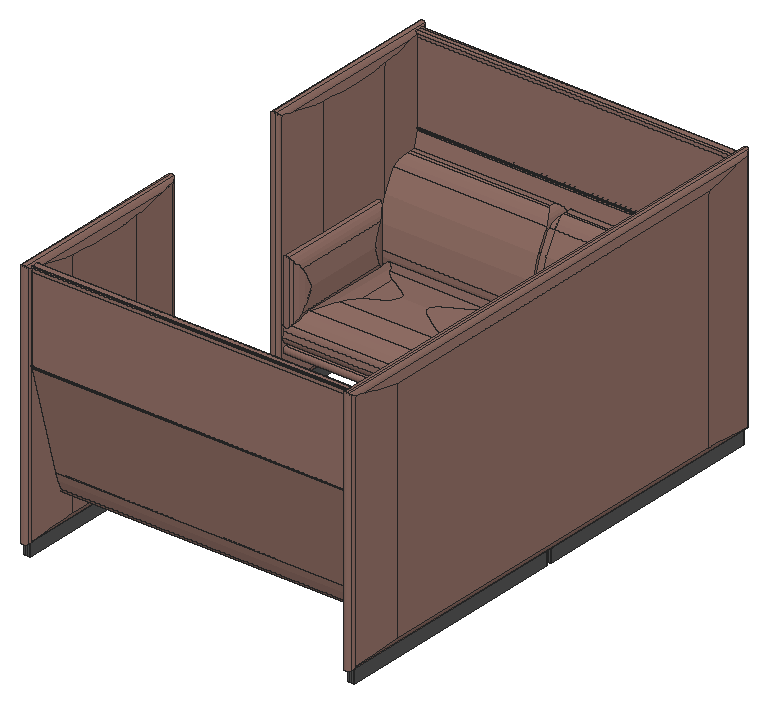
Revit family "revitupgrade", category Furniture, Revit 2025
Family settings
  OmniClass Number = 23.40.70.14.64.11
  OmniClass Title = Office Furniture
  Work Plane-Based = No
  Enable Cutting in Views = No
  Always vertical = Yes
  Cut with Voids When Loaded = No
  Render Appearance Source = Family Geometry
  Shared = No
  Room Calculation Point = No
Parameters (values of type "2 Seater Combi")
  Upholstery Finish [instance] = Wendelbo_Fabric_TVC10
  URL = "https://www.steelcase.com/asia-en/wendelbo/"
  Style Number(s) = "WBOCASECOMB2"
  Release Date = "May 2023"  # constant formula
  Manufacturer = "Wendelbo"  # constant formula
  Frame Finish = Wendelbo_Wood_BlackOak
  Description = "A collection of highback sofas that breathe a sense of calmness, concentration and comfort into everyday life in the workplace and in hospitality contexts."
  Default Elevation = 0.00 mm
  Copyright = "© 2010 Steelcase Inc."  # constant formula
  Assembly Code = "E2020200"
Reference planes
  plane 1 "Front": y = 0
  plane 2 "Bottom": z = 0
  plane 3 "Center Left/Right": x = 0
  plane 4 "Back": y = 903.501
  plane 5 "Left": x = -873.815
  plane 6 "Right": x = 859.971
  plane 7 "2": y = -700
  plane 8 "3": y = -1603.501
  plane 9: y = -350
  plane 10: z = 73.638
  plane 11: z = 141.062
Forms (mm)
  Extrusion 1, solid, material "Wendelbo_Wood_BlackOak" <- "Frame Finish"
    sketch origin (0, 0, 0) x (1, 0, 0) y (0, 1, 0)
      loop
        arc (-852.976, -7.602) -> (-852.282, -9.278) -> (-850.775, -10.287) r 3.131
        arc (-850.775, -10.287) -> (-845.841, -11.402) -> (-840.796, -11.777) r 34.173
        line (-840.796, -11.777) -> (-828.625, -11.777)
        arc (-828.625, -11.777) -> (-824.209, -11.351) -> (-819.956, -10.088) r 23.094
        arc (-819.956, -10.088) -> (-818.088, -8.573) -> (-817.385, -6.272) r 4.117
        line (-817.385, -6.272) -> (-817.461, 894.271)
        arc (-817.461, 894.271) -> (-818.339, 896.267) -> (-820.204, 897.397) r 3.621
        arc (-820.204, 897.397) -> (-825.433, 898.344) -> (-830.738, 898.661) r 44.513
        line (-830.738, 898.661) -> (-839.7, 898.661)
        arc (-839.7, 898.661) -> (-845.005, 898.344) -> (-850.234, 897.397) r 44.513
        arc (-850.234, 897.397) -> (-852.099, 896.267) -> (-852.976, 894.271) r 3.621
        line (-852.976, 894.271) -> (-852.976, -7.602)
      loop
        line (839.226, -334.685) -> (839.226, 894.271)
        arc (839.226, 894.271) -> (838.349, 896.267) -> (836.484, 897.397) r 3.621
        arc (836.484, 897.397) -> (831.255, 898.344) -> (825.95, 898.661) r 44.513
        line (825.95, 898.661) -> (816.988, 898.661)
        arc (816.988, 898.661) -> (811.683, 898.344) -> (806.454, 897.397) r 44.513
        arc (806.454, 897.397) -> (804.658, 896.343) -> (803.739, 894.474) r 3.621
        line (803.739, 894.474) -> (803.635, -333.355)
        arc (803.635, -333.355) -> (804.338, -335.656) -> (806.206, -337.171) r 4.117
        arc (806.206, -337.171) -> (810.459, -338.434) -> (814.875, -338.86) r 23.094
        line (814.875, -338.86) -> (827.046, -338.86)
        arc (827.046, -338.86) -> (832.091, -338.486) -> (837.025, -337.37) r 34.173
        arc (837.025, -337.37) -> (838.532, -336.361) -> (839.226, -334.685) r 3.131
    from 0 to 67.42
  Extrusion 2, solid, material "Wendelbo_Fabric_TVC10" <- "Upholstery Finish"
    sketch origin (0, 0, -73.64) x (0, 1, 0) y (0, 0, 1)
      loop
        arc (895.074, 1409.797) -> (880.11, 1410.217) -> (865.155, 1409.518) r 200.253
        arc (865.155, 1409.518) -> (861.081, 1407.326) -> (859.276, 1403.066) r 6.973
        arc (859.276, 1403.066) -> (858.873, 1394.498) -> (858.738, 1385.921) r 273.736
        line (858.738, 1385.921) -> (858.738, 970.061)
        arc (858.738, 970.061) -> (859.746, 967.284) -> (862.136, 965.547) r 5.048
        line (862.136, 965.547) -> (899.957, 952.524)
        arc (899.957, 952.524) -> (902.122, 952.682) -> (903.501, 954.359) r 2.757
        line (903.501, 954.359) -> (903.501, 1385.921)
        arc (903.501, 1385.921) -> (903.271, 1394.969) -> (902.58, 1403.994) r 177.724
        arc (902.58, 1403.994) -> (901.906, 1406.163) -> (900.442, 1407.899) r 5.73
        arc (900.442, 1407.899) -> (897.917, 1409.296) -> (895.074, 1409.797) r 8.754
    from -811.84 to 802.291
  Extrusion 3, solid, material "Wendelbo_Fabric_TVC10" <- "Upholstery Finish"
    sketch origin (0, 0, -73.64) x (0, 1, 0) y (0, 0, 1)
      loop
        arc (862.136, 965.547) -> (859.777, 965.219) -> (858.648, 963.122) r 2.632
        arc (858.648, 963.122) -> (858.367, 959.68) -> (857.698, 956.292) r 30.417
        line (857.698, 956.292) -> (707.264, 416.876)
        arc (707.264, 416.876) -> (700.293, 393.784) -> (692.349, 371.008) r 568.65
        arc (692.349, 371.008) -> (676.732, 349.89) -> (652.284, 340.29) r 47.531
        line (652.284, 340.29) -> (45.591, 343.686)
        arc (45.591, 343.686) -> (31.622, 340.957) -> (17.707, 337.966) r 757.899
        arc (17.707, 337.966) -> (3.714, 322.957) -> (12.607, 304.464) r 18.189
        arc (12.607, 304.464) -> (28.53, 297.467) -> (45.591, 294.086) r 79.784
        arc (45.591, 294.086) -> (130.075, 288.233) -> (214.712, 285.296) r 2456.674
        line (214.712, 285.296) -> (659.644, 277.53)
        arc (659.644, 277.53) -> (698.621, 287.543) -> (726.169, 316.879) r 72.14
        arc (726.169, 316.879) -> (744.491, 358.025) -> (758.41, 400.862) r 430.161
        line (758.41, 400.862) -> (903.349, 941.78)
        arc (903.349, 941.78) -> (903.755, 944.664) -> (903.755, 947.576) r 20.813
        arc (903.755, 947.576) -> (902.6, 950.621) -> (899.957, 952.524) r 5.652
        line (899.957, 952.524) -> (862.136, 965.547)
    from -816.041 to 803.784
  Extrusion 4, solid, material "Wendelbo_Fabric_TVC10" <- "Upholstery Finish"
    sketch origin (-222.5, 0, -73.64) x (1, 0, 0) y (0, 0, 1)
      loop
        arc (-579.413, 754.981) -> (-583.685, 741.979) -> (-585.131, 728.369) r 64.783
        line (-585.131, 728.369) -> (-585.131, 473.369)
        arc (-585.131, 473.369) -> (-584.162, 457.536) -> (-581.271, 441.94) r 129.876
        arc (-581.271, 441.94) -> (-566.885, 434.266) -> (-551.385, 439.325) r 20.798
        arc (-551.385, 439.325) -> (-528.809, 467.136) -> (-516.842, 500.897) r 105.48
        arc (-516.842, 500.897) -> (-508.321, 600.897) -> (-516.842, 700.897) r 591.024
        arc (-516.842, 700.897) -> (-527.938, 732.289) -> (-548.853, 758.193) r 98.546
        arc (-548.853, 758.193) -> (-564.693, 761.915) -> (-579.413, 754.981) r 24.708
    from -591.267 to 0
  Extrusion 5, void
    sketch origin (-222.5, 0, 0) x (1, 0, 0) y (0, 1, 0)
      loop
        arc (-534.284, 10.009) -> (-548.198, -1.766) -> (-566.238, -4.382) r 33.076
        arc (-566.238, -4.382) -> (-574.131, -2.291) -> (-581.271, 1.669) r 33.076
        arc (-581.271, 1.669) -> (-584.929, 4.766) -> (-588.1, 8.36) r 33.076
        line (-588.1, 8.36) -> (-588.1, -15.352) -> (-503.1, -15.352) -> (-503.1, 99.648) -> (-508.1, 99.648)
        arc (-508.1, 99.648) -> (-514.301, 52.815) -> (-534.284, 10.009) r 155.427
    from 331.542 to 784.926
  Extrusion 6, void
    sketch origin (-222.5, 585.915, 0) x (1, 0, 0) y (0, 1, 0)
      loop
        arc (-534.284, -10.009) -> (-514.301, -52.815) -> (-508.1, -99.648) r 155.427
        line (-508.1, -99.648) -> (-503.1, -99.648) -> (-503.1, 15.352) -> (-588.1, 15.352) -> (-588.1, -8.36)
        arc (-588.1, -8.36) -> (-584.929, -4.766) -> (-581.271, -1.669) r 33.076
        arc (-581.271, -1.669) -> (-574.131, 2.291) -> (-566.238, 4.382) r 33.076
        arc (-566.238, 4.382) -> (-548.198, 1.766) -> (-534.284, -10.009) r 33.076
    from 368.3 to 784.926
  Extrusion 7, solid, material "Wendelbo_Fabric_TVC10" <- "Upholstery Finish"
    sketch origin (0, 0, -73.64) x (1, 0, 0) y (0, 0, 1)
      loop
        line (-731.134, 343.686) -> (-81.134, 343.686)
        arc (-81.134, 343.686) -> (-50.272, 345.403) -> (-19.791, 350.533) r 278.234
        arc (-19.791, 350.533) -> (-3.582, 359.055) -> (6.196, 374.539) r 35.385
        line (6.196, 374.539) -> (6.196, 404.539)
        arc (6.196, 404.539) -> (4.053, 422.95) -> (-2.259, 440.378) r 80.185
        arc (-2.259, 440.378) -> (-25.536, 471.022) -> (-58.369, 491.092) r 103.905
        arc (-58.369, 491.092) -> (-87.267, 501.336) -> (-116.584, 510.313) r 704.436
        arc (-116.584, 510.313) -> (-142.127, 516.113) -> (-168.135, 519.225) r 251.475
        arc (-168.135, 519.225) -> (-386.323, 527.237) -> (-604.595, 522.039) r 3608.557
        arc (-604.595, 522.039) -> (-675.085, 511.539) -> (-742.379, 488.074) r 380.384
        arc (-742.379, 488.074) -> (-773.352, 468.24) -> (-797.625, 440.609) r 131.571
        arc (-797.625, 440.609) -> (-804.024, 423.076) -> (-806.196, 404.539) r 80.185
        line (-806.196, 404.539) -> (-806.196, 374.539)
        arc (-806.196, 374.539) -> (-805.85, 366.946) -> (-804.283, 359.508) r 46.936
        arc (-804.283, 359.508) -> (-800.823, 353.911) -> (-795.01, 350.829) r 12.569
        arc (-795.01, 350.829) -> (-763.271, 345.477) -> (-731.134, 343.686) r 289.195
    from -704.913 to 13.826
  Extrusion 8, void
    sketch origin (0, 0, -73.64) x (0, 1, 0) y (0, 0, 1)
      loop
        arc (507.462, 514.903) -> (347.462, 526.674) -> (187.462, 514.903) r 1093.346
        arc (187.462, 514.903) -> (139.283, 505.254) -> (92.331, 490.771) r 483.984
        arc (92.331, 490.771) -> (51.227, 470.053) -> (16.04, 440.378) r 197.37
        arc (16.04, 440.378) -> (7.607, 427.92) -> (3.47, 413.456) r 47.733
        arc (3.47, 413.456) -> (1.679, 398.173) -> (0, 382.877) r 2097.716
        arc (0, 382.877) -> (3.202, 365.511) -> (15.346, 352.691) r 31.085
        arc (15.346, 352.691) -> (44.47, 344.907) -> (74.445, 341.703) r 195.107
        arc (74.445, 341.703) -> (354.445, 337.618) -> (634.445, 341.703) r 9599.829
        arc (634.445, 341.703) -> (662.44, 347.468) -> (689.819, 355.676) r 324.217
        arc (689.819, 355.676) -> (694.956, 360.363) -> (698.006, 366.614) r 18.542
        arc (698.006, 366.614) -> (695.493, 417.684) -> (665.656, 459.209) r 90.331
        arc (665.656, 459.209) -> (651.125, 469.181) -> (635.515, 477.363) r 148.612
        arc (635.515, 477.363) -> (572.789, 500.568) -> (507.462, 514.903) r 483.984
      loop
        line (763.503, 552.643) -> (-37.088, 552.643) -> (-37.088, 294.988) -> (763.503, 294.988) -> (763.503, 552.643)
    from -817.469 to 810.832
  Extrusion 9, solid, material "Wendelbo_Fabric_TVC10" <- "Upholstery Finish"
    sketch origin (0, 0, -73.64) x (1, 0, 0) y (0, 0, 1)
      loop
        arc (-757.563, 919.389) -> (-786.498, 885.908) -> (-796.913, 842.899) r 94.019
        line (-796.913, 842.899) -> (-796.913, 448.942)
        arc (-796.913, 448.942) -> (-778.565, 435.354) -> (-756.246, 430.539) r 54.131
        line (-756.246, 430.539) -> (-53.879, 430.539)
        arc (-53.879, 430.539) -> (-28.827, 436.685) -> (-9.463, 453.728) r 54.131
        line (-9.463, 453.728) -> (-9.463, 849.074)
        arc (-9.463, 849.074) -> (-21.095, 890.31) -> (-52.563, 919.389) r 78.909
        line (-52.563, 919.389) -> (-757.563, 919.389)
    from -838.286 to -575.916
  Extrusion 10, void
    sketch origin (0, 0, -73.64) x (0, 1, 0) y (0, 0, 1)
      loop
        arc (821.714, 895.724) -> (796.156, 913.217) -> (765.332, 916.245) r 62.316
        arc (765.332, 916.245) -> (759.702, 914.88) -> (754.381, 912.587) r 34.286
        arc (754.381, 912.587) -> (723.808, 891.005) -> (699.416, 862.622) r 152.386
        arc (699.416, 862.622) -> (623.492, 705.901) -> (592.354, 534.564) r 643.722
        arc (592.354, 534.564) -> (597.059, 489.868) -> (614.676, 448.521) r 151.411
        arc (614.676, 448.521) -> (640.829, 431.931) -> (671.739, 429.98) r 62.316
        arc (671.739, 429.98) -> (692.846, 451.474) -> (707.6, 477.738) r 114.251
        arc (707.6, 477.738) -> (772.231, 656.516) -> (825.027, 839.139) r 2904.136
        arc (825.027, 839.139) -> (827.75, 867.688) -> (821.714, 895.724) r 93.733
      loop
        line (857.698, 956.292) -> (544.998, 956.292) -> (544.998, 405.182) -> (857.698, 405.182) -> (857.698, 956.292)
    from -817.538 to 26.781
  Extrusion 11, solid, material "Wendelbo_Fabric_TVC10" <- "Upholstery Finish"
    sketch origin (213.75, 0, -73.64) x (-1, 0, 0) y (0, 0, -1)
      loop
        arc (-579.413, -754.981) -> (-564.693, -761.915) -> (-548.853, -758.193) r 24.708
        arc (-548.853, -758.193) -> (-527.938, -732.289) -> (-516.842, -700.897) r 98.546
        arc (-516.842, -700.897) -> (-508.321, -600.897) -> (-516.842, -500.897) r 591.024
        arc (-516.842, -500.897) -> (-528.809, -467.136) -> (-551.385, -439.325) r 105.48
        arc (-551.385, -439.325) -> (-566.885, -434.266) -> (-581.271, -441.94) r 20.798
        arc (-581.271, -441.94) -> (-584.162, -457.536) -> (-585.131, -473.369) r 129.876
        line (-585.131, -473.369) -> (-585.131, -728.369)
        arc (-585.131, -728.369) -> (-583.685, -741.979) -> (-579.413, -754.981) r 64.783
    from -591.267 to 0
  Extrusion 12, void
    sketch origin (213.75, 0, 0) x (-1, 0, 0) y (0, -1, 0)
      loop
        arc (-534.284, -10.009) -> (-514.301, -52.815) -> (-508.1, -99.648) r 155.427
        line (-508.1, -99.648) -> (-503.1, -99.648) -> (-503.1, 15.352) -> (-588.1, 15.352) -> (-588.1, -8.36)
        arc (-588.1, -8.36) -> (-584.929, -4.766) -> (-581.271, -1.669) r 33.076
        arc (-581.271, -1.669) -> (-574.131, 2.291) -> (-566.238, 4.382) r 33.076
        arc (-566.238, 4.382) -> (-548.198, 1.766) -> (-534.284, -10.009) r 33.076
    from 331.542 to 784.926
  Extrusion 13, void
    sketch origin (213.75, 585.915, 0) x (-1, 0, 0) y (0, -1, 0)
      loop
        arc (-534.284, 10.009) -> (-548.198, -1.766) -> (-566.238, -4.382) r 33.076
        arc (-566.238, -4.382) -> (-574.131, -2.291) -> (-581.271, 1.669) r 33.076
        arc (-581.271, 1.669) -> (-584.929, 4.766) -> (-588.1, 8.36) r 33.076
        line (-588.1, 8.36) -> (-588.1, -15.352) -> (-503.1, -15.352) -> (-503.1, 99.648) -> (-508.1, 99.648)
        arc (-508.1, 99.648) -> (-514.301, 52.815) -> (-534.284, 10.009) r 155.427
    from 368.3 to 784.926
  Extrusion 14, solid, material "Wendelbo_Fabric_TVC10" <- "Upholstery Finish"
    sketch origin (0, 0, -73.64) x (-1, 0, 0) y (0, 0, -1)
      loop
        line (-740.063, -919.389) -> (-42.563, -919.389)
        arc (-42.563, -919.389) -> (-11.095, -890.31) -> (0.537, -849.074) r 78.909
        line (0.537, -849.074) -> (0.537, -453.728)
        arc (0.537, -453.728) -> (-18.827, -436.685) -> (-43.879, -430.539) r 54.131
        line (-43.879, -430.539) -> (-738.746, -430.539)
        arc (-738.746, -430.539) -> (-768.368, -439.363) -> (-788.332, -462.958) r 54.131
        line (-788.332, -462.958) -> (-788.332, -867.958)
        arc (-788.332, -867.958) -> (-775.33, -904.122) -> (-740.063, -919.389) r 48.367
    from -838.286 to -575.916
  Extrusion 15, solid, material "Wendelbo_Fabric_TVC10" <- "Upholstery Finish"
    sketch origin (0, 0, -73.64) x (-1, 0, 0) y (0, 0, -1)
      loop
        arc (-731.134, -343.686) -> (-763.271, -345.477) -> (-795.01, -350.829) r 289.195
        arc (-795.01, -350.829) -> (-800.823, -353.911) -> (-804.283, -359.508) r 12.569
        arc (-804.283, -359.508) -> (-805.85, -366.946) -> (-806.196, -374.539) r 46.936
        line (-806.196, -374.539) -> (-806.196, -404.539)
        arc (-806.196, -404.539) -> (-804.024, -423.076) -> (-797.625, -440.609) r 80.185
        arc (-797.625, -440.609) -> (-773.352, -468.24) -> (-742.379, -488.074) r 131.571
        arc (-742.379, -488.074) -> (-675.085, -511.539) -> (-604.595, -522.039) r 380.384
        arc (-604.595, -522.039) -> (-386.323, -527.237) -> (-168.135, -519.225) r 3608.557
        arc (-168.135, -519.225) -> (-142.127, -516.113) -> (-116.584, -510.313) r 251.475
        arc (-116.584, -510.313) -> (-87.267, -501.336) -> (-58.369, -491.092) r 704.436
        arc (-58.369, -491.092) -> (-25.536, -471.022) -> (-2.259, -440.378) r 103.905
        arc (-2.259, -440.378) -> (4.053, -422.95) -> (6.196, -404.539) r 80.185
        line (6.196, -404.539) -> (6.196, -374.539)
        arc (6.196, -374.539) -> (-3.582, -359.055) -> (-19.791, -350.533) r 35.385
        arc (-19.791, -350.533) -> (-50.272, -345.403) -> (-81.134, -343.686) r 278.234
        line (-81.134, -343.686) -> (-731.134, -343.686)
    from -704.913 to 13.826
  Extrusion 16, void
    sketch origin (0, 0, -73.64) x (0, 1, 0) y (0, 0, -1)
      loop
        arc (821.714, -895.724) -> (827.75, -867.688) -> (825.027, -839.139) r 93.733
        arc (825.027, -839.139) -> (772.231, -656.516) -> (707.6, -477.738) r 2904.136
        arc (707.6, -477.738) -> (692.846, -451.474) -> (671.739, -429.98) r 114.251
        arc (671.739, -429.98) -> (640.829, -431.931) -> (614.676, -448.521) r 62.316
        arc (614.676, -448.521) -> (597.059, -489.868) -> (592.354, -534.564) r 151.411
        arc (592.354, -534.564) -> (623.492, -705.901) -> (699.416, -862.622) r 643.722
        arc (699.416, -862.622) -> (723.808, -891.005) -> (754.381, -912.587) r 152.386
        arc (754.381, -912.587) -> (759.702, -914.88) -> (765.332, -916.245) r 34.286
        arc (765.332, -916.245) -> (796.156, -913.217) -> (821.714, -895.724) r 62.316
      loop
        line (857.698, -956.292) -> (857.698, -405.182) -> (544.998, -405.182) -> (544.998, -956.292) -> (857.698, -956.292)
    from -839.226 to -26.781
  Extrusion 17, solid, material "Wendelbo_Fabric_TVC10" <- "Upholstery Finish"
    sketch origin (-220.561, -0.594, -73.64) x (1, 0, 0) y (0, 0, 1)
      loop
        arc (-625.934, 142.439) -> (-610.934, 140.964) -> (-595.934, 142.439) r 76.999
        arc (-595.934, 142.439) -> (-590.444, 145.013) -> (-586.787, 149.849) r 12.629
        arc (-586.787, 149.849) -> (-579.398, 169.969) -> (-576.987, 191.267) r 89.823
        arc (-576.987, 191.267) -> (-578.909, 753.189) -> (-576.987, 1315.112) r 82136.585
        arc (-576.987, 1315.112) -> (-578.535, 1351.59) -> (-583.663, 1387.74) r 370.805
        arc (-583.663, 1387.74) -> (-589.323, 1402.78) -> (-599.669, 1415.076) r 47.557
        arc (-599.669, 1415.076) -> (-606.321, 1418.633) -> (-613.845, 1419.159) r 18.045
        arc (-613.845, 1419.159) -> (-619.508, 1417.674) -> (-624.677, 1414.928) r 25.319
        arc (-624.677, 1414.928) -> (-635.529, 1403.795) -> (-641.358, 1389.382) r 40.295
        arc (-641.358, 1389.382) -> (-646.491, 1353.17) -> (-648.033, 1316.629) r 370.805
        arc (-648.033, 1316.629) -> (-651.091, 753.029) -> (-648.054, 189.429) r 52110.748
        arc (-648.054, 189.429) -> (-644.823, 168.753) -> (-635.845, 149.849) r 72.809
        arc (-635.845, 149.849) -> (-631.729, 145.021) -> (-625.934, 142.439) r 14.345
    from -940.559 to 44.441
  Extrusion 18, void
    sketch origin (-220.561, -0.594, 0) x (1, 0, 0) y (0, 1, 0)
      loop
        line (-655.531, -59.441) -> (-560.531, -59.441) -> (-560.531, 942.698) -> (-655.531, 942.698) -> (-655.531, -59.441)
      loop
        arc (-591.828, 917.034) -> (-610.765, 930.708) -> (-631.867, 920.691) r 22.936
        arc (-631.867, 920.691) -> (-636.344, 911.654) -> (-638.279, 901.755) r 37.906
        arc (-638.279, 901.755) -> (-644.176, 776.212) -> (-646.888, 650.559) r 4956.78
        arc (-646.888, 650.559) -> (-647.784, 449.308) -> (-646.888, 248.057) r 22602.617
        arc (-646.888, 248.057) -> (-644.23, 123.976) -> (-638.465, 0) r 4956.78
        arc (-638.465, 0) -> (-625.193, -21.047) -> (-600.311, -21.07) r 25.778
        arc (-600.311, -21.07) -> (-591.123, -12.243) -> (-587.597, 0) r 24.543
        arc (-587.597, 0) -> (-581.833, 123.976) -> (-579.174, 248.057) r 4956.78
        arc (-579.174, 248.057) -> (-578.278, 449.308) -> (-579.174, 650.559) r 22602.617
        arc (-579.174, 650.559) -> (-581.886, 776.212) -> (-587.784, 901.755) r 4956.78
        arc (-587.784, 901.755) -> (-589.042, 909.596) -> (-591.828, 917.034) r 39.949
    from 0 to 1426.344
  Extrusion 19, solid, material "Wendelbo_Wood_BlackOak" <- "Frame Finish"
    sketch origin (0, -700, 0) x (1, 0, 0) y (0, 1, 0)
      loop
        line (-852.976, 7.602) -> (-852.976, -894.271)
        arc (-852.976, -894.271) -> (-852.099, -896.267) -> (-850.234, -897.397) r 3.621
        arc (-850.234, -897.397) -> (-845.005, -898.344) -> (-839.7, -898.661) r 44.513
        line (-839.7, -898.661) -> (-830.738, -898.661)
        arc (-830.738, -898.661) -> (-825.433, -898.344) -> (-820.204, -897.397) r 44.513
        arc (-820.204, -897.397) -> (-818.339, -896.267) -> (-817.461, -894.271) r 3.621
        line (-817.461, -894.271) -> (-817.385, 6.272)
        arc (-817.385, 6.272) -> (-818.088, 8.573) -> (-819.956, 10.088) r 4.117
        arc (-819.956, 10.088) -> (-824.209, 11.351) -> (-828.625, 11.777) r 23.094
        line (-828.625, 11.777) -> (-840.796, 11.777)
        arc (-840.796, 11.777) -> (-845.841, 11.402) -> (-850.775, 10.287) r 34.173
        arc (-850.775, 10.287) -> (-852.282, 9.278) -> (-852.976, 7.602) r 3.131
      loop
        arc (839.226, 334.688) -> (838.532, 336.364) -> (837.025, 337.373) r 3.131
        arc (837.025, 337.373) -> (832.091, 338.489) -> (827.046, 338.863) r 34.173
        line (827.046, 338.863) -> (814.875, 338.863)
        arc (814.875, 338.863) -> (810.459, 338.437) -> (806.206, 337.174) r 23.094
        arc (806.206, 337.174) -> (804.338, 335.659) -> (803.635, 333.358) r 4.117
        line (803.635, 333.358) -> (803.739, -894.474)
        arc (803.739, -894.474) -> (804.658, -896.343) -> (806.454, -897.397) r 3.621
        arc (806.454, -897.397) -> (811.683, -898.344) -> (816.988, -898.661) r 44.513
        line (816.988, -898.661) -> (825.95, -898.661)
        arc (825.95, -898.661) -> (831.255, -898.344) -> (836.484, -897.397) r 44.513
        arc (836.484, -897.397) -> (838.349, -896.267) -> (839.226, -894.271) r 3.621
        line (839.226, -894.271) -> (839.226, 334.688)
    from 0 to 67.42
  Extrusion 20, solid, material "Wendelbo_Fabric_TVC10" <- "Upholstery Finish"
    sketch origin (0, -700, -73.64) x (0, -1, 0) y (0, 0, -1)
      loop
        arc (895.074, -1409.797) -> (897.917, -1409.296) -> (900.442, -1407.899) r 8.754
        arc (900.442, -1407.899) -> (901.906, -1406.163) -> (902.58, -1403.994) r 5.73
        arc (902.58, -1403.994) -> (903.271, -1394.969) -> (903.501, -1385.921) r 177.724
        line (903.501, -1385.921) -> (903.501, -954.359)
        arc (903.501, -954.359) -> (902.122, -952.682) -> (899.957, -952.524) r 2.757
        line (899.957, -952.524) -> (862.136, -965.547)
        arc (862.136, -965.547) -> (859.746, -967.284) -> (858.738, -970.061) r 5.048
        line (858.738, -970.061) -> (858.738, -1385.921)
        arc (858.738, -1385.921) -> (858.873, -1394.498) -> (859.276, -1403.066) r 273.736
        arc (859.276, -1403.066) -> (861.081, -1407.326) -> (865.155, -1409.518) r 6.973
        arc (865.155, -1409.518) -> (880.11, -1410.217) -> (895.074, -1409.797) r 200.253
    from -811.84 to 802.291
  Extrusion 21, solid, material "Wendelbo_Fabric_TVC10" <- "Upholstery Finish"
    sketch origin (0, -700, -73.64) x (0, -1, 0) y (0, 0, -1)
      loop
        line (862.136, -965.547) -> (899.957, -952.524)
        arc (899.957, -952.524) -> (902.6, -950.621) -> (903.755, -947.576) r 5.652
        arc (903.755, -947.576) -> (903.755, -944.664) -> (903.349, -941.78) r 20.813
        line (903.349, -941.78) -> (758.41, -400.862)
        arc (758.41, -400.862) -> (744.491, -358.025) -> (726.169, -316.879) r 430.161
        arc (726.169, -316.879) -> (698.621, -287.543) -> (659.644, -277.53) r 72.14
        line (659.644, -277.53) -> (214.712, -285.296)
        arc (214.712, -285.296) -> (130.075, -288.233) -> (45.591, -294.086) r 2456.674
        arc (45.591, -294.086) -> (28.53, -297.467) -> (12.607, -304.464) r 79.784
        arc (12.607, -304.464) -> (3.714, -322.957) -> (17.707, -337.966) r 18.189
        arc (17.707, -337.966) -> (31.622, -340.957) -> (45.591, -343.686) r 757.899
        line (45.591, -343.686) -> (652.284, -340.29)
        arc (652.284, -340.29) -> (676.732, -349.89) -> (692.349, -371.008) r 47.531
        arc (692.349, -371.008) -> (700.293, -393.784) -> (707.264, -416.876) r 568.65
        line (707.264, -416.876) -> (857.698, -956.292)
        arc (857.698, -956.292) -> (858.367, -959.68) -> (858.648, -963.122) r 30.417
        arc (858.648, -963.122) -> (859.777, -965.219) -> (862.136, -965.547) r 2.632
    from -816.041 to 803.784
  Extrusion 22, solid, material "Wendelbo_Fabric_TVC10" <- "Upholstery Finish"
    sketch origin (-222.5, -700, -73.64) x (1, 0, 0) y (0, 0, -1)
      loop
        arc (-579.413, -754.981) -> (-564.693, -761.915) -> (-548.853, -758.193) r 24.708
        arc (-548.853, -758.193) -> (-527.938, -732.289) -> (-516.842, -700.897) r 98.546
        arc (-516.842, -700.897) -> (-508.321, -600.897) -> (-516.842, -500.897) r 591.024
        arc (-516.842, -500.897) -> (-528.809, -467.136) -> (-551.385, -439.325) r 105.48
        arc (-551.385, -439.325) -> (-566.885, -434.266) -> (-581.271, -441.94) r 20.798
        arc (-581.271, -441.94) -> (-584.162, -457.536) -> (-585.131, -473.369) r 129.876
        line (-585.131, -473.369) -> (-585.131, -728.369)
        arc (-585.131, -728.369) -> (-583.685, -741.979) -> (-579.413, -754.981) r 64.783
    from -591.267 to 0
  Extrusion 23, void
    sketch origin (-222.5, -700, 0) x (1, 0, 0) y (0, 1, 0)
      loop
        arc (-534.284, -10.009) -> (-514.301, -52.815) -> (-508.1, -99.648) r 155.427
        line (-508.1, -99.648) -> (-503.1, -99.648) -> (-503.1, 15.352) -> (-588.1, 15.352) -> (-588.1, -8.36)
        arc (-588.1, -8.36) -> (-584.929, -4.766) -> (-581.271, -1.669) r 33.076
        arc (-581.271, -1.669) -> (-574.131, 2.291) -> (-566.238, 4.382) r 33.076
        arc (-566.238, 4.382) -> (-548.198, 1.766) -> (-534.284, -10.009) r 33.076
    from 331.542 to 784.926
  Extrusion 24, void
    sketch origin (-222.5, -1285.915, 0) x (1, 0, 0) y (0, 1, 0)
      loop
        arc (-534.284, 10.009) -> (-548.198, -1.766) -> (-566.238, -4.382) r 33.076
        arc (-566.238, -4.382) -> (-574.131, -2.291) -> (-581.271, 1.669) r 33.076
        arc (-581.271, 1.669) -> (-584.929, 4.766) -> (-588.1, 8.36) r 33.076
        line (-588.1, 8.36) -> (-588.1, -15.352) -> (-503.1, -15.352) -> (-503.1, 99.648) -> (-508.1, 99.648)
        arc (-508.1, 99.648) -> (-514.301, 52.815) -> (-534.284, 10.009) r 155.427
    from 368.3 to 784.926
  Extrusion 25, solid, material "Wendelbo_Fabric_TVC10" <- "Upholstery Finish"
    sketch origin (0, -700, -73.64) x (1, 0, 0) y (0, 0, -1)
      loop
        arc (-731.134, -343.686) -> (-763.271, -345.477) -> (-795.01, -350.829) r 289.195
        arc (-795.01, -350.829) -> (-800.823, -353.911) -> (-804.283, -359.508) r 12.569
        arc (-804.283, -359.508) -> (-805.85, -366.946) -> (-806.196, -374.539) r 46.936
        line (-806.196, -374.539) -> (-806.196, -404.539)
        arc (-806.196, -404.539) -> (-804.024, -423.076) -> (-797.625, -440.609) r 80.185
        arc (-797.625, -440.609) -> (-773.352, -468.24) -> (-742.379, -488.074) r 131.571
        arc (-742.379, -488.074) -> (-675.085, -511.539) -> (-604.595, -522.039) r 380.384
        arc (-604.595, -522.039) -> (-386.323, -527.237) -> (-168.135, -519.225) r 3608.557
        arc (-168.135, -519.225) -> (-142.127, -516.113) -> (-116.584, -510.313) r 251.475
        arc (-116.584, -510.313) -> (-87.267, -501.336) -> (-58.369, -491.092) r 704.436
        arc (-58.369, -491.092) -> (-25.536, -471.022) -> (-2.259, -440.378) r 103.905
        arc (-2.259, -440.378) -> (4.053, -422.95) -> (6.196, -404.539) r 80.185
        line (6.196, -404.539) -> (6.196, -374.539)
        arc (6.196, -374.539) -> (-3.582, -359.055) -> (-19.791, -350.533) r 35.385
        arc (-19.791, -350.533) -> (-50.272, -345.403) -> (-81.134, -343.686) r 278.234
        line (-81.134, -343.686) -> (-731.134, -343.686)
    from -704.913 to 13.826
  Extrusion 26, void
    sketch origin (0, -700, -73.64) x (0, -1, 0) y (0, 0, -1)
      loop
        arc (507.462, -514.903) -> (572.789, -500.568) -> (635.515, -477.363) r 483.984
        arc (635.515, -477.363) -> (651.125, -469.181) -> (665.656, -459.209) r 148.612
        arc (665.656, -459.209) -> (695.493, -417.684) -> (698.006, -366.614) r 90.331
        arc (698.006, -366.614) -> (694.956, -360.363) -> (689.819, -355.676) r 18.542
        arc (689.819, -355.676) -> (662.44, -347.468) -> (634.445, -341.703) r 324.217
        arc (634.445, -341.703) -> (354.445, -337.618) -> (74.445, -341.703) r 9599.829
        arc (74.445, -341.703) -> (44.47, -344.907) -> (15.346, -352.691) r 195.107
        arc (15.346, -352.691) -> (3.202, -365.511) -> (0, -382.877) r 31.085
        arc (0, -382.877) -> (1.679, -398.173) -> (3.47, -413.456) r 2097.716
        arc (3.47, -413.456) -> (7.607, -427.92) -> (16.04, -440.378) r 47.733
        arc (16.04, -440.378) -> (51.227, -470.053) -> (92.331, -490.771) r 197.37
        arc (92.331, -490.771) -> (139.283, -505.254) -> (187.462, -514.903) r 483.984
        arc (187.462, -514.903) -> (347.462, -526.674) -> (507.462, -514.903) r 1093.346
      loop
        line (763.503, -552.643) -> (763.503, -294.988) -> (-37.088, -294.988) -> (-37.088, -552.643) -> (763.503, -552.643)
    from -817.469 to 810.832
  Extrusion 27, solid, material "Wendelbo_Fabric_TVC10" <- "Upholstery Finish"
    sketch origin (0, -700, -73.64) x (1, 0, 0) y (0, 0, -1)
      loop
        line (-757.563, -919.389) -> (-52.563, -919.389)
        arc (-52.563, -919.389) -> (-21.095, -890.31) -> (-9.463, -849.074) r 78.909
        line (-9.463, -849.074) -> (-9.463, -453.728)
        arc (-9.463, -453.728) -> (-28.827, -436.685) -> (-53.879, -430.539) r 54.131
        line (-53.879, -430.539) -> (-756.246, -430.539)
        arc (-756.246, -430.539) -> (-778.565, -435.354) -> (-796.913, -448.942) r 54.131
        line (-796.913, -448.942) -> (-796.913, -842.899)
        arc (-796.913, -842.899) -> (-786.498, -885.908) -> (-757.563, -919.389) r 94.019
    from -838.286 to -575.916
  Extrusion 28, void
    sketch origin (0, -700, -73.64) x (0, -1, 0) y (0, 0, -1)
      loop
        arc (821.714, -895.724) -> (827.75, -867.688) -> (825.027, -839.139) r 93.733
        arc (825.027, -839.139) -> (772.231, -656.516) -> (707.6, -477.738) r 2904.136
        arc (707.6, -477.738) -> (692.846, -451.474) -> (671.739, -429.98) r 114.251
        arc (671.739, -429.98) -> (640.829, -431.931) -> (614.676, -448.521) r 62.316
        arc (614.676, -448.521) -> (597.059, -489.868) -> (592.354, -534.564) r 151.411
        arc (592.354, -534.564) -> (623.492, -705.901) -> (699.416, -862.622) r 643.722
        arc (699.416, -862.622) -> (723.808, -891.005) -> (754.381, -912.587) r 152.386
        arc (754.381, -912.587) -> (759.702, -914.88) -> (765.332, -916.245) r 34.286
        arc (765.332, -916.245) -> (796.156, -913.217) -> (821.714, -895.724) r 62.316
      loop
        line (857.698, -956.292) -> (857.698, -405.182) -> (544.998, -405.182) -> (544.998, -956.292) -> (857.698, -956.292)
    from -817.538 to 26.781
  Extrusion 29, solid, material "Wendelbo_Fabric_TVC10" <- "Upholstery Finish"
    sketch origin (213.75, -700, -73.64) x (-1, 0, 0) y (0, 0, 1)
      loop
        arc (-579.413, 754.981) -> (-583.685, 741.979) -> (-585.131, 728.369) r 64.783
        line (-585.131, 728.369) -> (-585.131, 473.369)
        arc (-585.131, 473.369) -> (-584.162, 457.536) -> (-581.271, 441.94) r 129.876
        arc (-581.271, 441.94) -> (-566.885, 434.266) -> (-551.385, 439.325) r 20.798
        arc (-551.385, 439.325) -> (-528.809, 467.136) -> (-516.842, 500.897) r 105.48
        arc (-516.842, 500.897) -> (-508.321, 600.897) -> (-516.842, 700.897) r 591.024
        arc (-516.842, 700.897) -> (-527.938, 732.289) -> (-548.853, 758.193) r 98.546
        arc (-548.853, 758.193) -> (-564.693, 761.915) -> (-579.413, 754.981) r 24.708
    from -591.267 to 0
  Extrusion 30, void
    sketch origin (213.75, -700, 0) x (-1, 0, 0) y (0, -1, 0)
      loop
        arc (-534.284, 10.009) -> (-548.198, -1.766) -> (-566.238, -4.382) r 33.076
        arc (-566.238, -4.382) -> (-574.131, -2.291) -> (-581.271, 1.669) r 33.076
        arc (-581.271, 1.669) -> (-584.929, 4.766) -> (-588.1, 8.36) r 33.076
        line (-588.1, 8.36) -> (-588.1, -15.352) -> (-503.1, -15.352) -> (-503.1, 99.648) -> (-508.1, 99.648)
        arc (-508.1, 99.648) -> (-514.301, 52.815) -> (-534.284, 10.009) r 155.427
    from 331.542 to 784.926
  Extrusion 31, void
    sketch origin (213.75, -1285.915, 0) x (-1, 0, 0) y (0, -1, 0)
      loop
        arc (-534.284, -10.009) -> (-514.301, -52.815) -> (-508.1, -99.648) r 155.427
        line (-508.1, -99.648) -> (-503.1, -99.648) -> (-503.1, 15.352) -> (-588.1, 15.352) -> (-588.1, -8.36)
        arc (-588.1, -8.36) -> (-584.929, -4.766) -> (-581.271, -1.669) r 33.076
        arc (-581.271, -1.669) -> (-574.131, 2.291) -> (-566.238, 4.382) r 33.076
        arc (-566.238, 4.382) -> (-548.198, 1.766) -> (-534.284, -10.009) r 33.076
    from 368.3 to 784.926
  Extrusion 32, solid, material "Wendelbo_Fabric_TVC10" <- "Upholstery Finish"
    sketch origin (0, -700, -73.64) x (-1, 0, 0) y (0, 0, 1)
      loop
        arc (-740.063, 919.389) -> (-775.33, 904.122) -> (-788.332, 867.958) r 48.367
        line (-788.332, 867.958) -> (-788.332, 462.958)
        arc (-788.332, 462.958) -> (-768.368, 439.363) -> (-738.746, 430.539) r 54.131
        line (-738.746, 430.539) -> (-43.879, 430.539)
        arc (-43.879, 430.539) -> (-18.827, 436.685) -> (0.537, 453.728) r 54.131
        line (0.537, 453.728) -> (0.537, 849.074)
        arc (0.537, 849.074) -> (-11.095, 890.31) -> (-42.563, 919.389) r 78.909
        line (-42.563, 919.389) -> (-740.063, 919.389)
    from -838.286 to -575.916
  Extrusion 33, solid, material "Wendelbo_Fabric_TVC10" <- "Upholstery Finish"
    sketch origin (0, -700, -73.64) x (-1, 0, 0) y (0, 0, 1)
      loop
        line (-731.134, 343.686) -> (-81.134, 343.686)
        arc (-81.134, 343.686) -> (-50.272, 345.403) -> (-19.791, 350.533) r 278.234
        arc (-19.791, 350.533) -> (-3.582, 359.055) -> (6.196, 374.539) r 35.385
        line (6.196, 374.539) -> (6.196, 404.539)
        arc (6.196, 404.539) -> (4.053, 422.95) -> (-2.259, 440.378) r 80.185
        arc (-2.259, 440.378) -> (-25.536, 471.022) -> (-58.369, 491.092) r 103.905
        arc (-58.369, 491.092) -> (-87.267, 501.336) -> (-116.584, 510.313) r 704.436
        arc (-116.584, 510.313) -> (-142.127, 516.113) -> (-168.135, 519.225) r 251.475
        arc (-168.135, 519.225) -> (-386.323, 527.237) -> (-604.595, 522.039) r 3608.557
        arc (-604.595, 522.039) -> (-675.085, 511.539) -> (-742.379, 488.074) r 380.384
        arc (-742.379, 488.074) -> (-773.352, 468.24) -> (-797.625, 440.609) r 131.571
        arc (-797.625, 440.609) -> (-804.024, 423.076) -> (-806.196, 404.539) r 80.185
        line (-806.196, 404.539) -> (-806.196, 374.539)
        arc (-806.196, 374.539) -> (-805.85, 366.946) -> (-804.283, 359.508) r 46.936
        arc (-804.283, 359.508) -> (-800.823, 353.911) -> (-795.01, 350.829) r 12.569
        arc (-795.01, 350.829) -> (-763.271, 345.477) -> (-731.134, 343.686) r 289.195
    from -704.913 to 13.826
  Extrusion 34, void
    sketch origin (0, -700, -73.64) x (0, -1, 0) y (0, 0, 1)
      loop
        arc (821.714, 895.724) -> (796.156, 913.217) -> (765.332, 916.245) r 62.316
        arc (765.332, 916.245) -> (759.702, 914.88) -> (754.381, 912.587) r 34.286
        arc (754.381, 912.587) -> (723.808, 891.005) -> (699.416, 862.622) r 152.386
        arc (699.416, 862.622) -> (623.492, 705.901) -> (592.354, 534.564) r 643.722
        arc (592.354, 534.564) -> (597.059, 489.868) -> (614.676, 448.521) r 151.411
        arc (614.676, 448.521) -> (640.829, 431.931) -> (671.739, 429.98) r 62.316
        arc (671.739, 429.98) -> (692.846, 451.474) -> (707.6, 477.738) r 114.251
        arc (707.6, 477.738) -> (772.231, 656.516) -> (825.027, 839.139) r 2904.136
        arc (825.027, 839.139) -> (827.75, 867.688) -> (821.714, 895.724) r 93.733
      loop
        line (857.698, 956.292) -> (544.998, 956.292) -> (544.998, 405.182) -> (857.698, 405.182) -> (857.698, 956.292)
    from -839.226 to -26.781
  Extrusion 35, solid, material "Wendelbo_Fabric_TVC10" <- "Upholstery Finish"
    sketch origin (211.011, -699.406, -73.64) x (-1, 0, 0) y (0, 0, 1)
      loop
        arc (-625.934, 142.439) -> (-610.934, 140.964) -> (-595.934, 142.439) r 76.999
        arc (-595.934, 142.439) -> (-590.444, 145.013) -> (-586.787, 149.849) r 12.629
        arc (-586.787, 149.849) -> (-579.398, 169.969) -> (-576.987, 191.267) r 89.823
        arc (-576.987, 191.267) -> (-578.909, 753.189) -> (-576.987, 1315.112) r 82136.585
        arc (-576.987, 1315.112) -> (-578.535, 1351.59) -> (-583.663, 1387.74) r 370.805
        arc (-583.663, 1387.74) -> (-589.323, 1402.78) -> (-599.669, 1415.076) r 47.557
        arc (-599.669, 1415.076) -> (-606.321, 1418.633) -> (-613.845, 1419.159) r 18.045
        arc (-613.845, 1419.159) -> (-619.508, 1417.674) -> (-624.677, 1414.928) r 25.319
        arc (-624.677, 1414.928) -> (-635.529, 1403.795) -> (-641.358, 1389.382) r 40.295
        arc (-641.358, 1389.382) -> (-646.491, 1353.17) -> (-648.033, 1316.629) r 370.805
        arc (-648.033, 1316.629) -> (-651.091, 753.029) -> (-648.054, 189.429) r 52110.748
        arc (-648.054, 189.429) -> (-644.823, 168.753) -> (-635.845, 149.849) r 72.809
        arc (-635.845, 149.849) -> (-631.729, 145.021) -> (-625.934, 142.439) r 14.345
    from -940.559 to 1636.494
  Extrusion 36, void
    sketch origin (211.011, -699.406, 0) x (-1, 0, 0) y (0, -1, 0)
      loop
        line (-655.531, -1641.51) -> (-560.531, -1641.51) -> (-560.531, 942.698) -> (-655.531, 942.698) -> (-655.531, -1641.51)
      loop
        arc (-591.828, 917.034) -> (-610.765, 930.708) -> (-631.867, 920.691) r 22.936
        arc (-631.867, 920.691) -> (-636.344, 911.654) -> (-638.279, 901.755) r 37.906
        arc (-638.279, 901.755) -> (-644.176, 776.212) -> (-646.888, 650.559) r 4956.78
        line (-646.888, 650.559) -> (-646.888, -1349.371)
        arc (-646.888, -1349.371) -> (-644.176, -1475.023) -> (-638.279, -1600.567) r 4956.78
        arc (-638.279, -1600.567) -> (-636.344, -1610.465) -> (-631.867, -1619.503) r 37.906
        arc (-631.867, -1619.503) -> (-610.765, -1629.519) -> (-591.828, -1615.846) r 22.936
        arc (-591.828, -1615.846) -> (-589.042, -1608.408) -> (-587.784, -1600.567) r 39.949
        arc (-587.784, -1600.567) -> (-581.886, -1475.023) -> (-579.174, -1349.371) r 4956.78
        line (-579.174, -1349.371) -> (-579.174, 650.559)
        arc (-579.174, 650.559) -> (-581.886, 776.212) -> (-587.784, 901.755) r 4956.78
        arc (-587.784, 901.755) -> (-589.042, 909.596) -> (-591.828, 917.034) r 39.949
    from 0 to 1426.344
  Extrusion 37, solid, material "Wendelbo_Fabric_TVC10" <- "Upholstery Finish"
    sketch origin (-220.561, -699.406, -73.64) x (1, 0, 0) y (0, 0, -1)
      loop
        arc (-625.934, -142.439) -> (-631.729, -145.021) -> (-635.845, -149.849) r 14.345
        arc (-635.845, -149.849) -> (-644.823, -168.753) -> (-648.054, -189.429) r 72.809
        arc (-648.054, -189.429) -> (-651.091, -753.029) -> (-648.033, -1316.629) r 52110.748
        arc (-648.033, -1316.629) -> (-646.491, -1353.17) -> (-641.358, -1389.382) r 370.805
        arc (-641.358, -1389.382) -> (-635.529, -1403.795) -> (-624.677, -1414.928) r 40.295
        arc (-624.677, -1414.928) -> (-619.508, -1417.674) -> (-613.845, -1419.159) r 25.319
        arc (-613.845, -1419.159) -> (-606.321, -1418.633) -> (-599.669, -1415.076) r 18.045
        arc (-599.669, -1415.076) -> (-589.323, -1402.78) -> (-583.663, -1387.74) r 47.557
        arc (-583.663, -1387.74) -> (-578.535, -1351.59) -> (-576.987, -1315.112) r 370.805
        arc (-576.987, -1315.112) -> (-578.909, -753.189) -> (-576.987, -191.267) r 82136.585
        arc (-576.987, -191.267) -> (-579.398, -169.969) -> (-586.787, -149.849) r 89.823
        arc (-586.787, -149.849) -> (-590.444, -145.013) -> (-595.934, -142.439) r 12.629
        arc (-595.934, -142.439) -> (-610.934, -140.964) -> (-625.934, -142.439) r 76.999
    from -940.559 to 44.441
  Extrusion 38, void
    sketch origin (-220.561, -699.406, 0) x (1, 0, 0) y (0, 1, 0)
      loop
        line (-655.531, 59.441) -> (-655.531, -942.698) -> (-560.531, -942.698) -> (-560.531, 59.441) -> (-655.531, 59.441)
      loop
        arc (-591.828, -917.034) -> (-589.042, -909.596) -> (-587.784, -901.755) r 39.949
        arc (-587.784, -901.755) -> (-581.886, -776.212) -> (-579.174, -650.559) r 4956.78
        arc (-579.174, -650.559) -> (-578.278, -449.308) -> (-579.174, -248.057) r 22602.617
        arc (-579.174, -248.057) -> (-581.833, -123.976) -> (-587.597, 0) r 4956.78
        arc (-587.597, 0) -> (-591.123, 12.243) -> (-600.311, 21.07) r 24.543
        arc (-600.311, 21.07) -> (-625.193, 21.047) -> (-638.465, 0) r 25.778
        arc (-638.465, 0) -> (-644.23, -123.976) -> (-646.888, -248.057) r 4956.78
        arc (-646.888, -248.057) -> (-647.784, -449.308) -> (-646.888, -650.559) r 22602.617
        arc (-646.888, -650.559) -> (-644.176, -776.212) -> (-638.279, -901.755) r 4956.78
        arc (-638.279, -901.755) -> (-636.344, -911.654) -> (-631.867, -920.691) r 37.906
        arc (-631.867, -920.691) -> (-610.765, -930.708) -> (-591.828, -917.034) r 22.936
    from 0 to 1426.344
Cuts and joins
  Extrusion 5, Extrusion 6, Extrusion 12, Extrusion 13, Extrusion 16, Extrusion 23, Extrusion 24, Extrusion 26, Extrusion 28, Extrusion 38 cuts Extrusion 4
  Extrusion 8, Extrusion 16, Extrusion 23, Extrusion 24, Extrusion 26, Extrusion 28, Extrusion 38 cuts Extrusion 7
  Extrusion 10, Extrusion 16, Extrusion 23, Extrusion 24, Extrusion 26, Extrusion 28, Extrusion 38 cuts Extrusion 9
  joined: Extrusion 4, Extrusion 7, Extrusion 9
  Extrusion 12, Extrusion 13, Extrusion 18, Extrusion 26, Extrusion 28, Extrusion 30, Extrusion 31, Extrusion 34 cuts Extrusion 11
  Extrusion 10, Extrusion 16, Extrusion 18, Extrusion 26, Extrusion 28, Extrusion 30, Extrusion 31, Extrusion 34 cuts Extrusion 14
  Extrusion 8, Extrusion 18, Extrusion 26, Extrusion 28, Extrusion 30, Extrusion 31, Extrusion 34 cuts Extrusion 15
  joined: Extrusion 11, Extrusion 14, Extrusion 15
  Extrusion 16, Extrusion 23, Extrusion 24, Extrusion 26, Extrusion 28, Extrusion 30, Extrusion 31, Extrusion 34, Extrusion 38 cuts Extrusion 2
  Extrusion 23, Extrusion 24, Extrusion 26, Extrusion 28, Extrusion 30, Extrusion 31, Extrusion 34, Extrusion 38 cuts Extrusion 3
  Extrusion 18, Extrusion 23, Extrusion 24, Extrusion 26, Extrusion 28, Extrusion 30, Extrusion 31, Extrusion 34, Extrusion 38 cuts Extrusion 17
  joined: Extrusion 2, Extrusion 3, Extrusion 17
  Extrusion 23 cuts Extrusion 22
  Extrusion 26 cuts Extrusion 25
  Extrusion 38 cuts Extrusion 37
  Extrusion 24, Extrusion 28 cuts Extrusion 27
  Extrusion 30, Extrusion 31 cuts Extrusion 29
  Extrusion 28, Extrusion 34 cuts Extrusion 32
  Extrusion 26 cuts Extrusion 33
  Extrusion 36 cuts Extrusion 35
Lines and regions (mm)
  Masking region 1
    outline origin (-224.896, 0, 0) x (1, 0, 0) y (0, 1, 0)
      loop
        line (1024.073, 903.501) -> (-583.657, 903.501)
        arc (-583.657, 903.501) -> (-586.92, 914.476) -> (-593.112, 924.108) r 40.685
        arc (-593.112, 924.108) -> (-597.005, 927.355) -> (-601.734, 929.183) r 15.61
        arc (-601.734, 929.183) -> (-611.387, 929.568) -> (-620.638, 926.787) r 29.247
        arc (-620.638, 926.787) -> (-629.059, 919.375) -> (-632.6, 908.731) r 21.502
        arc (-632.6, 908.731) -> (-636.8, 851.771) -> (-639.138, 794.705) r 1749.654
        arc (-639.138, 794.705) -> (-642.845, 715.025) -> (-645.84, 635.315) r 8940.356
        arc (-645.84, 635.315) -> (-648.919, 449.308) -> (-645.84, 263.301) r 5620.401
        arc (-645.84, 263.301) -> (-642.457, 174.484) -> (-638.191, 85.705) r 8940.356
        arc (-638.191, 85.705) -> (-636.032, 42.561) -> (-634.129, -0.594) r 7258.145
        arc (-634.129, -0.594) -> (-626.606, -17.575) -> (-609.511, -24.838) r 25.291
        arc (-609.511, -24.838) -> (-591.308, -17.902) -> (-583.237, -0.173) r 25.633
        line (-583.237, -0.173) -> (-579.51, -0.173)
        arc (-579.51, -0.173) -> (-562.214, -3.418) -> (-544.917, -0.173) r 47.72
        line (-544.917, -0.173) -> (981.134, -0.173)
        arc (981.134, -0.173) -> (992.426, -5.84) -> (1005.059, -5.671) r 26.655
        line (1005.059, -5.671) -> (1005.059, -694.329)
        arc (1005.059, -694.329) -> (992.426, -694.16) -> (981.134, -699.827) r 26.655
        line (981.134, -699.827) -> (-544.917, -699.827)
        arc (-544.917, -699.827) -> (-562.214, -696.582) -> (-579.51, -699.827) r 47.72
        line (-579.51, -699.827) -> (-583.237, -699.827)
        arc (-583.237, -699.827) -> (-591.308, -682.098) -> (-609.511, -675.162) r 25.633
        arc (-609.511, -675.162) -> (-626.606, -682.425) -> (-634.129, -699.406) r 25.291
        arc (-634.129, -699.406) -> (-636.032, -742.561) -> (-638.191, -785.705) r 7258.145
        arc (-638.191, -785.705) -> (-642.457, -874.484) -> (-645.84, -963.301) r 8940.356
        arc (-645.84, -963.301) -> (-648.919, -1149.308) -> (-645.84, -1335.315) r 5620.401
        arc (-645.84, -1335.315) -> (-642.845, -1415.025) -> (-639.138, -1494.705) r 8940.356
        arc (-639.138, -1494.705) -> (-636.8, -1551.771) -> (-632.6, -1608.731) r 1749.654
        arc (-632.6, -1608.731) -> (-629.059, -1619.375) -> (-620.638, -1626.787) r 21.502
        arc (-620.638, -1626.787) -> (-611.387, -1629.568) -> (-601.734, -1629.183) r 29.247
        arc (-601.734, -1629.183) -> (-597.005, -1627.355) -> (-593.112, -1624.108) r 15.61
        arc (-593.112, -1624.108) -> (-586.92, -1614.476) -> (-583.657, -1603.501) r 40.685
        line (-583.657, -1603.501) -> (1024.073, -1603.501)
        arc (1024.073, -1603.501) -> (1025.422, -1610.441) -> (1027.974, -1617.034) r 39.949
        arc (1027.974, -1617.034) -> (1037.963, -1627.369) -> (1052.1, -1629.964) r 23.524
        arc (1052.1, -1629.964) -> (1061.022, -1626.754) -> (1067.774, -1620.097) r 22.077
        arc (1067.774, -1620.097) -> (1072.168, -1611.031) -> (1074.186, -1601.161) r 40.462
        arc (1074.186, -1601.161) -> (1081.219, -1468.33) -> (1081.883, -1335.315) r 2776.993
        line (1081.883, -1335.315) -> (1081.883, 635.315)
        arc (1081.883, 635.315) -> (1081.219, 768.33) -> (1074.186, 901.161) r 2776.993
        arc (1074.186, 901.161) -> (1072.168, 911.031) -> (1067.774, 920.097) r 40.462
        arc (1067.774, 920.097) -> (1061.022, 926.754) -> (1052.1, 929.964) r 22.077
        arc (1052.1, 929.964) -> (1037.963, 927.369) -> (1027.974, 917.034) r 23.524
        arc (1027.974, 917.034) -> (1025.422, 910.441) -> (1024.073, 903.501) r 39.949
  symbolic lines, style "Steelcase Furniture"
    curve 1: line (-814.508, 899.228, 0) -> (-814.508, 863.162, 0)
    curve 2: arc (-808.531, 903.928, 0) -> (-812.344, 902.627, 0) -> (-814.508, 899.228, 0) r 6.082
    curve 3: arc (-814.508, 863.162, 0) -> (-811.15, 859.005, 0) -> (-805.928, 857.872, 0) r 8.039
    curve 4: line (-804.241, 57.872, 0) -> (-804.241, 857.872, 0)
    curve 5: arc (-808.127, 0, 0) -> (-805.213, 28.871, 0) -> (-804.241, 57.872, 0) r 432.81
    curve 6: line (-728.271, 87.621, 0) -> (-728.271, 487.245, 0)
    curve 7: arc (-728.271, 487.245, 0) -> (-735.061, 533.61, 0) -> (-754.86, 576.081, 0) r 161.697
    curve 8: arc (-754.86, 576.081, 0) -> (-766.739, 586.926, 0) -> (-782.358, 590.772, 0) r 32.606
    curve 9: arc (-782.358, 590.772, 0) -> (-794.19, 588.361, 0) -> (-804.241, 581.669, 0) r 31.443
    curve 10: arc (-793.807, 593.78, 0) -> (-799.392, 594.812, 0) -> (-804.241, 597.771, 0) r 15.634
    curve 11: arc (-793.807, 593.78, 0) -> (-799.392, 592.748, 0) -> (-804.241, 589.789, 0) r 15.634
    curve 12: arc (-794.724, 828.137, 0) -> (-800.37, 826.488, 0) -> (-804.241, 822.059, 0) r 10.489
    curve 13: arc (-767.13, 800.544, 0) -> (-775.212, 820.055, 0) -> (-794.724, 828.137, 0) r 27.594
    curve 14: arc (-781.155, 760.58, 0) -> (-770.738, 779.367, 0) -> (-767.13, 800.544, 0) r 63.951
    curve 15: arc (-804.241, 706.002, 0) -> (-796.472, 734.887, 0) -> (-781.155, 760.58, 0) r 109.169
    curve 16: line (-805.928, 857.872, 0) -> (794.812, 857.872, 0)
    curve 17: line (-794.724, 828.137, 0) -> (785.276, 828.137, 0)
    curve 18: line (-793.807, 593.78, 0) -> (784.452, 593.353, 0)
    curve 19: arc (-728.271, 87.621, 0) -> (-739.181, 39.058, 0) -> (-769.814, -0.173, 0) r 113.542
    curve 20: line (805.153, 898.801, 0) -> (805.153, 862.735, 0)
    curve 21: arc (799.176, 903.501, 0) -> (802.99, 902.2, 0) -> (805.153, 898.801, 0) r 6.082
    curve 22: arc (805.153, 862.735, 0) -> (800.997, 858.146, 0) -> (794.812, 857.872, 0) r 8.039
    curve 23: line (794.886, 57.444, 0) -> (794.886, 857.872, 0)
    curve 24: arc (798.772, -0.427, 0) -> (795.858, 28.443, 0) -> (794.886, 57.444, 0) r 432.81
    curve 25: line (718.916, 87.194, 0) -> (718.916, 486.818, 0)
    curve 26: arc (718.916, 486.818, 0) -> (725.706, 533.183, 0) -> (745.505, 575.654, 0) r 161.697
    curve 27: arc (745.505, 575.654, 0) -> (757.384, 586.499, 0) -> (773.003, 590.345, 0) r 32.606
    curve 28: arc (773.003, 590.345, 0) -> (784.835, 587.934, 0) -> (794.886, 581.242, 0) r 31.443
    curve 29: arc (790.733, -0.427, 0) -> (794.755, 3.303, 0) -> (797.729, 7.911, 0) r 22.011
    curve 30: arc (784.452, 593.353, 0) -> (790.037, 594.385, 0) -> (794.886, 597.344, 0) r 15.634
    curve 31: arc (784.452, 593.353, 0) -> (790.037, 592.321, 0) -> (794.886, 589.362, 0) r 15.634
    curve 32: arc (771.8, 760.153, 0) -> (761.383, 778.94, 0) -> (757.775, 800.116, 0) r 63.951
    curve 33: arc (794.886, 705.575, 0) -> (787.117, 734.46, 0) -> (771.8, 760.153, 0) r 109.169
    curve 34: arc (785.276, 828.137, 0) -> (765.645, 819.898, 0) -> (757.775, 800.116, 0) r 27.505
    curve 35: arc (794.886, 821.887, 0) -> (791.008, 826.437, 0) -> (785.276, 828.137, 0) r 10.513
    curve 36: arc (718.916, 87.194, 0) -> (728.637, 39.692, 0) -> (756.238, -0.173, 0) r 120.922
    curve 37: arc (-804.407, -0.173, 0) -> (-806.384, 1.159, 0) -> (-807.716, 3.136, 0) r 6.231
    curve 38: line (-814.508, -1599.228, 0) -> (-814.508, -1563.162, 0)
    curve 39: arc (-808.531, -1603.928, 0) -> (-812.344, -1602.627, 0) -> (-814.508, -1599.228, 0) r 6.082
    curve 40: arc (-814.508, -1563.162, 0) -> (-811.15, -1559.005, 0) -> (-805.928, -1557.872, 0) r 8.039
    curve 41: line (-804.241, -757.872, 0) -> (-804.241, -1557.872, 0)
    curve 42: arc (-808.127, -700, 0) -> (-805.213, -728.871, 0) -> (-804.241, -757.872, 0) r 432.81
    curve 43: line (-728.271, -787.621, 0) -> (-728.271, -1187.245, 0)
    curve 44: arc (-728.271, -1187.245, 0) -> (-735.061, -1233.61, 0) -> (-754.86, -1276.081, 0) r 161.697
    curve 45: arc (-754.86, -1276.081, 0) -> (-766.739, -1286.926, 0) -> (-782.358, -1290.772, 0) r 32.606
    curve 46: arc (-782.358, -1290.772, 0) -> (-794.19, -1288.361, 0) -> (-804.241, -1281.669, 0) r 31.443
    curve 47: arc (-793.807, -1293.78, 0) -> (-799.392, -1294.812, 0) -> (-804.241, -1297.771, 0) r 15.634
    curve 48: arc (-793.807, -1293.78, 0) -> (-799.392, -1292.748, 0) -> (-804.241, -1289.789, 0) r 15.634
    curve 49: arc (-794.724, -1528.137, 0) -> (-800.37, -1526.488, 0) -> (-804.241, -1522.059, 0) r 10.489
    curve 50: arc (-767.13, -1500.544, 0) -> (-775.212, -1520.055, 0) -> (-794.724, -1528.137, 0) r 27.594
    curve 51: arc (-781.155, -1460.58, 0) -> (-770.738, -1479.367, 0) -> (-767.13, -1500.544, 0) r 63.951
    curve 52: arc (-804.241, -1406.002, 0) -> (-796.472, -1434.887, 0) -> (-781.155, -1460.58, 0) r 109.169
    curve 53: line (-804.241, -1557.872, 0) -> (794.812, -1557.872, 0)
    curve 54: line (-794.724, -1528.137, 0) -> (785.276, -1528.137, 0)
    curve 55: line (-793.807, -1293.78, 0) -> (784.452, -1293.353, 0)
    curve 56: arc (-728.271, -787.621, 0) -> (-739.181, -739.058, 0) -> (-769.814, -699.827, 0) r 113.542
    curve 57: line (805.153, -1598.801, 0) -> (805.153, -1562.735, 0)
    curve 58: arc (799.176, -1603.501, 0) -> (802.99, -1602.2, 0) -> (805.153, -1598.801, 0) r 6.082
    curve 59: arc (805.153, -1562.735, 0) -> (800.997, -1558.146, 0) -> (794.812, -1557.872, 0) r 8.039
    curve 60: line (794.886, -757.444, 0) -> (794.886, -1557.872, 0)
    curve 61: arc (798.772, -699.573, 0) -> (795.858, -728.443, 0) -> (794.886, -757.444, 0) r 432.81
    curve 62: line (718.916, -787.194, 0) -> (718.916, -1186.818, 0)
    curve 63: arc (718.916, -1186.818, 0) -> (725.706, -1233.183, 0) -> (745.505, -1275.654, 0) r 161.697
    curve 64: arc (745.505, -1275.654, 0) -> (757.384, -1286.499, 0) -> (773.003, -1290.345, 0) r 32.606
    curve 65: arc (773.003, -1290.345, 0) -> (784.835, -1287.934, 0) -> (794.886, -1281.242, 0) r 31.443
    curve 66: arc (790.733, -699.573, 0) -> (794.755, -703.303, 0) -> (797.729, -707.911, 0) r 22.011
    curve 67: arc (784.452, -1293.353, 0) -> (790.037, -1294.385, 0) -> (794.886, -1297.344, 0) r 15.634
    curve 68: arc (784.452, -1293.353, 0) -> (790.037, -1292.321, 0) -> (794.886, -1289.362, 0) r 15.634
    curve 69: arc (771.8, -1460.153, 0) -> (761.383, -1478.94, 0) -> (757.775, -1500.116, 0) r 63.951
    curve 70: arc (794.886, -1405.575, 0) -> (787.117, -1434.46, 0) -> (771.8, -1460.153, 0) r 109.169
    curve 71: arc (785.276, -1528.137, 0) -> (765.645, -1519.898, 0) -> (757.775, -1500.116, 0) r 27.505
    curve 72: arc (794.886, -1521.887, 0) -> (791.008, -1526.437, 0) -> (785.276, -1528.137, 0) r 10.513
    curve 73: arc (718.916, -787.194, 0) -> (728.637, -739.692, 0) -> (756.238, -699.827, 0) r 120.922
    curve 74: arc (-804.407, -699.827, 0) -> (-806.384, -701.159, 0) -> (-807.716, -703.136, 0) r 6.231
Dimensions and locks
  plane 10 to plane 2 "Bottom" = 73.638 mm
  aligned and locked: level to plane 2 "Bottom"
